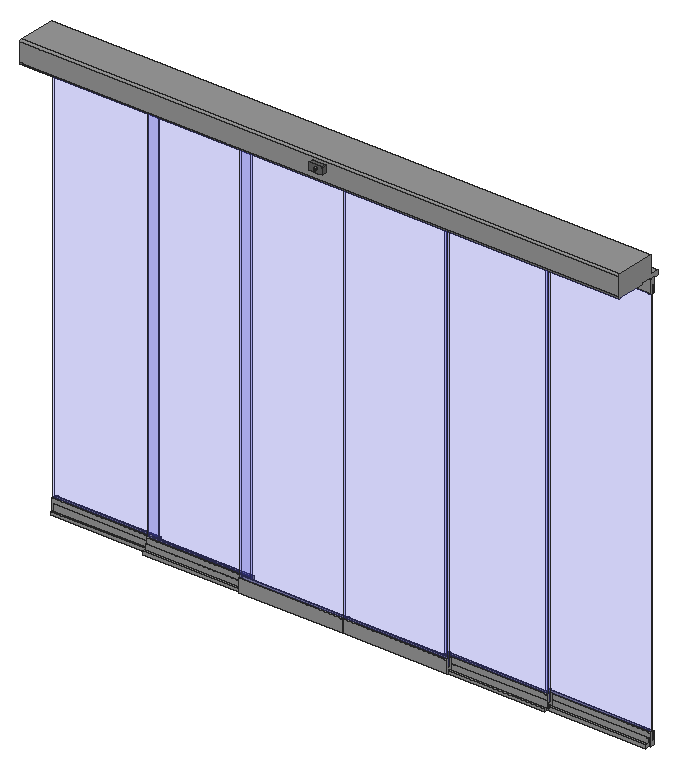
Revit family "2017_Telescopic_BP_central_fixed", category Puertas, Revit 2017 (continued)
Dimensions and locks
  aligned and locked: curve 51 to Extrusion 15
  aligned and locked: Extrusion 5 to Extrusion 4
  aligned and locked: Extrusion 6 to Extrusion 4
  aligned and locked: Extrusion 7 to Extrusion 4
Automatic sketch dimensions
  host wall to Extrusion 2 sketch curve = 25.000 mm
  Extrusion 3 sketch curve to plane 2 "Centro (Izquierda/Derecha)" = 0.000 mm
  Extrusion 3 sketch curve to plane 2 "Centro (Izquierda/Derecha)" = 33.968 mm
  Extrusion 3 sketch curve to Extrusion 3 sketch curve = 3.532 mm  (x2)
  plane 2 "Centro (Izquierda/Derecha)" to Extrusion 3 sketch curve = 33.968 mm
  Extrusion 3 sketch curve to plane 5 = 32.593 mm
  Extrusion 3 sketch curve to Extrusion 3 sketch curve = 36.468 mm
  Extrusion 3 sketch curve to plane 14 = 75.900 mm
  Extrusion 6 sketch curve to level = 0.000 mm
  Extrusion 14 sketch curve to plane 2 "Centro (Izquierda/Derecha)" = 1.471 mm
  Extrusion 14 sketch curve to Extrusion 14 sketch curve = 1.510 mm  (x2)
  Extrusion 14 sketch curve to Extrusion 14 sketch curve = 1.345 mm  (x2)
  plane 2 "Centro (Izquierda/Derecha)" to Extrusion 14 sketch curve = 1.471 mm
  Extrusion 14 sketch curve to Extrusion 14 sketch curve = 3.089 mm
  Extrusion 14 sketch curve to Extrusion 14 sketch curve = 0.000 mm
  Extrusion 14 sketch curve to Extrusion 14 sketch curve = 1.046 mm
  Extrusion 14 sketch curve to Extrusion 14 sketch curve = 4.134 mm
  Extrusion 14 sketch curve to Extrusion 14 sketch curve = 0.990 mm
  Extrusion 14 sketch curve to Extrusion 14 sketch curve = 1.105 mm
  curve 24 to plane 18 = 0.000 mm
  curve 42 to plane 18 = 0.000 mm
  Extrusion 30 sketch curve to host wall = 0.000 mm
  plane 5 to Extrusion 30 sketch curve = 28.000 mm
  plane 15 to Extrusion 30 sketch curve = 30.000 mm
  plane 16 "HF" to Extrusion 30 sketch curve = 7.014 mm
  Extrusion 31 sketch curve to host wall = 0.000 mm
  plane 15 to Extrusion 31 sketch curve = 50.000 mm
  plane 5 to Extrusion 31 sketch curve = 28.000 mm
  plane 16 "HF" to Extrusion 31 sketch curve = 7.014 mm
  plane 17 "HALT" to Extrusion 32 sketch curve = 7.014 mm
  Extrusion 32 sketch curve to plane 15 = 42.000 mm
  Extrusion 32 sketch curve to plane 5 = 20.000 mm
  Extrusion 32 sketch curve to plane 17 "HALT" = 7.014 mm
  Extrusion 33 sketch curve to plane 17 "HALT" = 7.014 mm
  plane 15 to Extrusion 33 sketch curve = 42.000 mm
  plane 5 to Extrusion 33 sketch curve = 20.000 mm
  plane 17 "HALT" to Extrusion 33 sketch curve = 7.014 mm
  plane 23 "HM" to Extrusion 34 sketch curve = 7.015 mm
  Extrusion 34 sketch curve to plane 15 = 42.000 mm
  Extrusion 34 sketch curve to plane 5 = 20.000 mm
  Extrusion 34 sketch curve to plane 23 "HM" = 7.014 mm
  Extrusion 35 sketch curve to plane 23 "HM" = 7.015 mm
  plane 15 to Extrusion 35 sketch curve = 42.000 mm
  plane 5 to Extrusion 35 sketch curve = 20.000 mm
  plane 23 "HM" to Extrusion 35 sketch curve = 7.014 mm
  radius of Extrusion 14 sketch curve = 7.423 mm
Types (4, lengths in mm): name | Top frame | Reduced top frame | Memory | Normal Guide | Distance to Top Glazing | Distance Lower Glazing | A20-4 | A20-2R | A20-2
  (no name) | yes | no | "BI-PARTING TELESCOPIC SLIDING DOOR WITH SLIDING AND FIXED LEAVES A20-2 MODEL\r\n\r\nMANUSA automatic sliding door, bi-parting telescopic, 4 sliding leaves and 2 fixed leaves, for a space: ……  mm high, ……  mm width, with a ……  mm clear width. The complete doorset is in compliment with the European Standard EN16005 about safety in use in power-operated pedestrian doors. It is composed of the following items:\r\nVISIO 125 operator, certified according to EN60335, composed of: motor group with two three-phase AC motors powered with a single-phase 230V/50Hz network (115V/60Hz on request); position and speed magnetic encoder; control board with performance level “d” according to EN13849 with monitored functioning and motor management system with inverter technology with voltage and frequency independent adjustment (VVVF); Direct Drive transmission (without reduction gear); backup batteries to allow opening and closing of the door in case of power failure (user-configurable). All housed in an extruded aluminium header frame 125 mm high and 180 mm deep in a powder coated / anodized finishing (chart available). Manufactured according to the Standard 9001:1000 of quality management systems.\r\nMANUSA leaves with A20-2 aluminium profiles, consisting of: one top rail and one bottom rail 75 mm high and 20 mm thick with a glass fixed with structural silicone, in powder coated / anodized finishing (chart available). Tempered / laminated glass 10 or 12 mm thick.\r\nMANUSA program selector, which allows users to choose between the following modes: automatic, open, closed, exit only and partial opening. This selector is equipped with a digital display that alerts the user of any malfunction, and features as a standard a locking PIN code to protect access to the change-mode function, according to EN16005 for doorsets in escape routes and emergency exits.\r\nMANUSA monitored sensors, with performance level “c” (level “d” if the door is located in escape routes or emergency exits) according to EN13849, in compliance with the Standard EN16005." | yes | 30.000 | 30.000 | no | no | yes
  PL 2220 x HL 2400 (A20-2) | yes | no | "BI-PARTING TELESCOPIC SLIDING DOOR WITH SLIDING AND FIXED LEAVES A20-2 MODEL\r\n\r\nMANUSA automatic sliding door, bi-parting telescopic, 4 sliding leaves and 2 fixed leaves, for a space: ……  mm high, ……  mm width, with a ……  mm clear width. The complete doorset is in compliment with the European Standard EN16005 about safety in use in power-operated pedestrian doors. It is composed of the following items:\r\nVISIO 125 operator, certified according to EN60335, composed of: motor group with two three-phase AC motors powered with a single-phase 230V/50Hz network (115V/60Hz on request); position and speed magnetic encoder; control board with performance level “d” according to EN13849 with monitored functioning and motor management system with inverter technology with voltage and frequency independent adjustment (VVVF); Direct Drive transmission (without reduction gear); backup batteries to allow opening and closing of the door in case of power failure (user-configurable). All housed in an extruded aluminium header frame 125 mm high and 180 mm deep in a powder coated / anodized finishing (chart available). Manufactured according to the Standard 9001:1000 of quality management systems.\r\nMANUSA leaves with A20-2 aluminium profiles, consisting of: one top rail and one bottom rail 75 mm high and 20 mm thick with a glass fixed with structural silicone, in powder coated / anodized finishing (chart available). Tempered / laminated glass 10 or 12 mm thick.\r\nMANUSA program selector, which allows users to choose between the following modes: automatic, open, closed, exit only and partial opening. This selector is equipped with a digital display that alerts the user of any malfunction, and features as a standard a locking PIN code to protect access to the change-mode function, according to EN16005 for doorsets in escape routes and emergency exits.\r\nMANUSA monitored sensors, with performance level “c” (level “d” if the door is located in escape routes or emergency exits) according to EN13849, in compliance with the Standard EN16005." | yes | 30.000 | 30.000 | no | no | yes
  PL 2220 x HL 2400 (A20-2R) | no | yes | "BI-PARTING TELESCOPIC SLIDING DOOR WITH SLIDING AND FIXED LEAVES A20-2R MODEL\r\n\r\nMANUSA automatic sliding door, bi-parting telescopic, 4 sliding leaves and 2 fixed leaves, for a space: ……  mm high, ……  mm width, with a ……  mm clear width. The complete doorset is in compliment with the European Standard EN16005 about safety in use in power-operated pedestrian doors. It is composed of the following items:\r\nVISIO 125 operator, certified according to EN60335, composed of: motor group with two three-phase AC motors powered with a single-phase 230V/50Hz network (115V/60Hz on request); position and speed magnetic encoder; control board with performance level “d” according to EN13849 with monitored functioning and motor management system with inverter technology with voltage and frequency independent adjustment (VVVF); Direct Drive transmission (without reduction gear); backup batteries to allow opening and closing of the door in case of power failure (user-configurable). All housed in an extruded aluminium header frame 125 mm high and 180 mm deep in a powder coated / anodized finishing (chart available). Manufactured according to the Standard 9001:1000 of quality management systems.\r\nMANUSA leaves with A20-2R aluminium profiles, consisting of: one top rail and one bottom rail 50 mm high and 20 mm thick with a glass fixed with structural silicone, in powder coated / anodized finishing (chart available). Tempered / laminated glass 10 mm thick.\r\nMANUSA program selector, which allows users to choose between the following modes: automatic, open, closed, exit only and partial opening. This selector is equipped with a digital display that alerts the user of any malfunction, and features as a standard a locking PIN code to protect access to the change-mode function, according to EN16005 for doorsets in escape routes and emergency exits.\r\nMANUSA monitored sensors, with performance level “c” (level “d” if the door is located in escape routes or emergency exits) according to EN13849, in compliance with the Standard EN16005." | no | 30.000 | 30.000 | no | yes | no
  PL 2220 x HL 2400 (A20-4) | yes | no | "BI-PARTING TELESCOPIC SLIDING DOOR WITH SLIDING AND FIXED LEAVES A20-4 MODEL\r\n\r\nMANUSA automatic sliding door, bi-parting telescopic, 4 sliding leaves and 2 fixed leaves, for a space: ……  mm high, ……  mm width, with a ……  mm clear width. The complete doorset is in compliment with the European Standard EN16005 about safety in use in power-operated pedestrian doors. It is composed of the following items:\r\nVISIO 125 operator, certified according to EN60335, composed of: motor group with two three-phase AC motors powered with a single-phase 230V/50Hz network (115V/60Hz on request); position and speed magnetic encoder; control board with performance level “d” according to EN13849 with monitored functioning and motor management system with inverter technology with voltage and frequency independent adjustment (VVVF); Direct Drive transmission (without reduction gear); backup batteries to allow opening and closing of the door in case of power failure (user-configurable). All housed in an extruded aluminium header frame 125 mm high and 180 mm deep in a powder coated / anodized finishing (chart available). Manufactured according to the Standard 9001:1000 of quality management systems.\r\nMANUSA leaves with A20-4 aluminium profiles, consisting of: full-framed glass with 20 mm thick aluminium profile, in powder coated / anodized finishing (chart available). Tempered / laminated glass 8 or 10 mm thick.\r\nMANUSA program selector, which allows users to choose between the following modes: automatic, open, closed, exit only and partial opening. This selector is equipped with a digital display that alerts the user of any malfunction, and features as a standard a locking PIN code to protect access to the change-mode function, according to EN16005 for doorsets in escape routes and emergency exits.\r\nMANUSA monitored sensors, with performance level “c” (level “d” if the door is located in escape routes or emergency exits) according to EN13849, in compliance with the Standard EN16005." | no | 55.000 | 55.000 | yes | no | no
